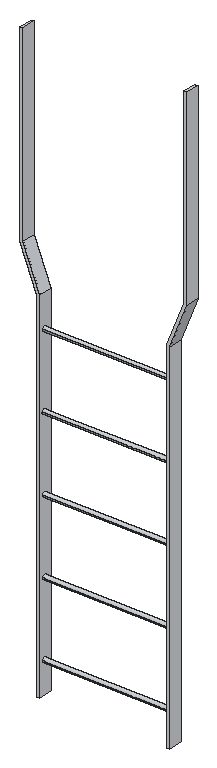
Revit family "Y RECTANGULAR Ladder", category Generic Models, Revit 2022
Family settings
  Can host rebar = No
  Round Connector Dimension = Use Diameter
  Part Type = Normal
  Work Plane-Based = No
  Always vertical = Yes
  Cut with Voids When Loaded = No
  Maintain Annotation Orientation = No
  Shared = No
  Room Calculation Point = No
Parameters
  W [instance] = 600 mm
  Off [instance] = 80 mm
  No [instance] = 5
  H3 [instance] = 900 mm
  H2 [instance] = 200 mm
  H1 [instance] = 1700 mm
  Default Elevation = 0 mm
Reference planes
  plane 1 "Center (Front/Back)": y = 0
  plane 2: z = 0
  plane 3 "Center (Left/Right)": x = 0
  plane 4: x = -300
  plane 5: x = 300
  plane 6: z = 1700
  plane 7: z = 1900
  plane 8: x = -380
  plane 9: x = 380
  plane 10: z = 2800
  plane 11: z = 150
  plane 12: z = 1550
Forms (mm)
  Sweep 1, solid
    path origin (0, 0, 0) x (1, 0, 0) y (0, 0, 1)
      loop
        line (-380, 2800) -> (-380, 1900) -> (-300, 1700) -> (-300, 0)
    profile origin (-300, 0, 850) x (0, -1, 0) y (1, 0, 0)
      loop
        line (0, -12) -> (0, 0) -> (-63.5, 0) -> (-63.5, -12) -> (0, -12)
  Sweep 2, solid
    path origin (0, 0, 0) x (1, 0, 0) y (0, 0, 1)
      loop
        line (380, 2800) -> (380, 1900) -> (300, 1700) -> (300, 0)
    profile origin (300, 0, 850) x (0, -1, 0) y (1, 0, 0)
      loop
        line (-63.4, 0) -> (0, 0) -> (0, 12) -> (-63.4, 12) -> (-63.4, 0)
Dimensions and locks
  equal spacing: plane 4, plane 3 "Center (Left/Right)", plane 5
  "W": plane 4 to plane 5
  "H2": plane 7 to plane 6
  plane 6 to plane 2 = 1700 mm
  "H1": plane 6 to plane 2
  "H3": plane 10 to plane 7
  locked: plane 11 to plane 2 at 150
  equal spacing: group 1, group 3, group 4, group 5, group 2  (x3)
  plane 6 to plane 12 = 150 mm
  "Off": plane 4 to plane 8
  "Off": plane 5 to plane 9
  aligned and locked: level to plane 2
  aligned and locked: plane 2 to Sweep 1 sketch curve
  aligned and locked: plane 6 to Sweep 1 sketch curve
  aligned and locked: plane 2 to Sweep 2 sketch curve
  aligned and locked: plane 6 to Sweep 2 sketch curve
  aligned and locked: plane 10 to Sweep 1 sketch curve
  aligned and locked: plane 7 to Sweep 1 sketch curve
  aligned and locked: plane 10 to Sweep 2 sketch curve
  aligned and locked: plane 7 to Sweep 2 sketch curve
  aligned and locked: Sweep 1 to nested 1
  aligned and locked: plane 11 to nested 1
  aligned and locked: plane 12 to nested 2
  aligned and locked: plane 4 to nested 2
Automatic sketch dimensions
  Sweep 1 sketch curve to plane 8 = 0 mm
  Sweep 1 sketch curve to plane 4 = 0 mm
  plane 5 to Sweep 2 sketch curve = 0 mm
  plane 9 to Sweep 2 sketch curve = 0 mm
  Sweep 2 sketch curve to profile plane = 0 mm
  plane 1 "Center (Front/Back)" to Sweep 2 sketch curve = 0 mm
  Sweep 2 sketch curve to Sweep 2 sketch curve = 63.4 mm
  Sweep 2 sketch curve to profile plane = 12 mm
  Sweep 1 sketch curve to profile plane = 0 mm
  plane 1 "Center (Front/Back)" to Sweep 1 sketch curve = 0 mm
  Sweep 1 sketch curve to plane 1 "Center (Front/Back)" = 63.5 mm
  profile plane to Sweep 1 sketch curve = 12 mm
Nested families
  nested 1: "Family2" at (-300, 22.5, 150), W <- "W", type "Family2"
    with W 600 mm, Dia 10 mm
  nested 2: "Family2" at (-300, 22.5, 1550), W <- "W", type "Family2"
    with W 600 mm, Dia 10 mm
  nested 3: "Family2" at (-300, 22.5, 500), W <- "W", type "Family2"
    with W 600 mm, Dia 10 mm
  nested 4: "Family2" at (-300, 22.5, 850), W <- "W", type "Family2"
    with W 600 mm, Dia 10 mm
  nested 5: "Family2" at (-300, 22.5, 1200), W <- "W", type "Family2"
    with W 600 mm, Dia 10 mm
Definition of nested family "Family2"
  Parameters (values of type "Family2")
    W [instance] = 500 mm
    Dia [instance] = 20 mm
    Default Elevation = 0 mm
  Reference planes
    plane 1 "Center (Front/Back)": y = 0
    plane 2: z = 0
    plane 3 "Center (Left/Right)": x = 0
  Forms (mm)
    Extrusion 1, solid
      sketch origin (0, 0, 0) x (0, 1, 0) y (0, 0, 1)
        loop
          circle (0, 0) r 20
      from 0 to 500
  Dimensions and locks
    "W": plane 3 "Center (Left/Right)" to Extrusion 1
    "Dia": radius of Extrusion 1 sketch curve
    aligned and locked: level to plane 2
    aligned and locked: Extrusion 1 to plane 3 "Center (Left/Right)"
  Automatic sketch dimensions
    Extrusion 1 sketch curve to level = 0 mm
    Extrusion 1 sketch curve to plane 1 "Center (Front/Back)" = 0 mm
